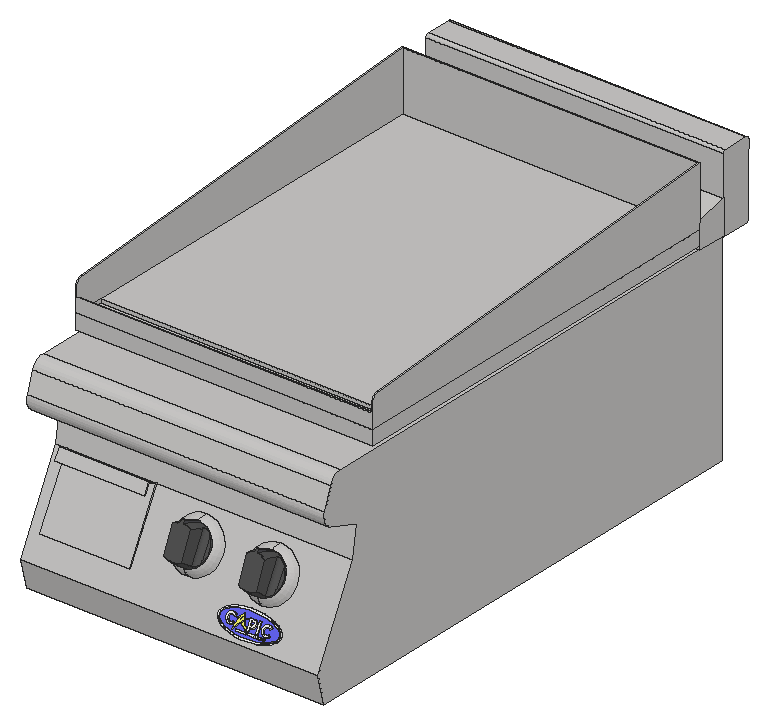
Revit family "QF_CAPIC_AVEN_W540917", category Equipement spécialisé, Revit 2018
Family settings
  Cote de connecteur circulaire = Utiliser le diamètre
  Type d'élément = Normal
  Numéro OmniClass = 23.40.40.14
  Titre OmniClass = Food Service Equipment
  Basée sur le plan de construction = Non
  Toujours verticalement = Oui
  Couper avec des vides une fois chargée = Non
  Partagée = Non
  Point de calcul de pièce = Non
Parameters (values of type "400 x 725 x 270 mm")
  rainures [instance] = if([rainurage X050973 (option)], 528 mm, 5 mm)  # 5 mm
  rainurage X050973 (option) [instance] = no
  URL catalogue = "http://www.capic-fr.com/fr/"
  Type de Raccord Plomberie [instance] = ""
  Type de Raccord Electrique [instance] = ""
  Type de Gaz = ""
  Type article [instance] = ""
  Tension = 0 V
  Spécification du Fabricant = ""
  Show Logo = yes
  Remarques evacuation [instance] = ""
  Remarques Plomberie [instance] = ""
  Remarques Electricité [instance] = ""
  Puissance électrique  = 0 W
  Puissance Gaz kW = 7.2
  Profondeur hors tout = 725 mm
  Pression Maximum Eau Adoucie = 0.0 Pa
  Poids net à vide = 45.00 kg
  Phase = 0
  Modèle = "W540917"
  Longueur hors tout = 400 mm
  Intensité nominale = 0 A
  Hauteur hors tout = 390 mm
  Hauteur de Raccordement du Sol Finis = 0 mm
  Hauteur de Raccordement Gaz du Sol Finis = 691 mm
  Hauteur de Raccordement Evacuation Directe du Sol Finis = 0 mm
  Hauteur de Raccordement Eau Froide du Sol Finis = 0 mm
  Hauteur de Raccordement Eau Chaude du Sol Finis = 0 mm
  Hauteur de Raccordement Eau Adoucie du Sol Finis = 0 mm
  Fréquence = 0 Hz
  Fabricant = "CAPIC"
  Débit d'air d'extraction = 0.0 m³/h
  Débit Gaz = 0.0 L/s
  Débit Eau Froide = 0.0 L/s
  Débit Eau Chaude = 0.0 L/s
  Débit Eau Adoucie = 0.0 L/s
  Diamètre de Raccordement Gaz = 15 mm
  Diamètre de Raccordement Evacuation = 0 mm
  Diamètre de Raccordement Eau Froide = 0 mm
  Diamètre de Raccordement Eau Chaude = 0 mm
  Diamètre de Raccordement Eau Adoucie = 0 mm
  Description = "Grill inox"
  Assembly Code = ""
  Classification  Omniclass nombre et titre = "23.40.40.14"
Reference planes
  plane 1 "Centre (avant/arrière)": y = 0
  plane 2: z = 0
  plane 3 "Centre (gauche/droite)": x = 0
  plane 4: x = 400
  plane 5: y = -606.53
  plane 6: y = -611.53
Forms (mm)
  Extrusion 1, solid, material "QF_Stainless Steel-Brushed"
    sketch origin (0, -45.05, 638) x (0, 1, 0) y (0, 0, 1)
      loop
        line (1.05, 270.397) -> (-641.347, 270.397)
        arc (-641.347, 270.397) -> (-651.671, 267.142) -> (-658.261, 258.553) r 18
        line (-658.261, 258.553) -> (-667.837, 232.245)
        arc (-667.837, 232.245) -> (-667.236, 218.482) -> (-657.078, 209.174) r 18
        line (-657.078, 209.174) -> (-613.251, 193.222) -> (-619.754, 152.161) -> (-680.074, 38.717) -> (-668.972, 0) -> (0, 0) -> (0, 268.397) -> (42.05, 268.397) -> (44.05, 270.397) -> (44.05, 356.397) -> (45.05, 356.397) -> (45.05, 368.397)
        arc (45.05, 368.397) -> (43.878, 371.225) -> (41.05, 372.397) r 4
        line (41.05, 372.397) -> (7.05, 372.397)
        arc (7.05, 372.397) -> (4.222, 371.225) -> (3.05, 368.397) r 4
        line (3.05, 368.397) -> (3.05, 272.397)
        arc (3.05, 272.397) -> (2.464, 270.983) -> (1.05, 270.397) r 2
    from 0 to 400
  Extrusion 2, solid, material "QF_Stainless Steel-Brushed"
    sketch origin (0, 0, 0) x (0, 1, 0) y (0, 0, 1)
      loop
        line (-664.804, 790.161) -> (-678.048, 797.204) -> (-685.091, 783.959) -> (-684.208, 783.49) -> (-677.635, 795.851) -> (-666.157, 789.748) -> (-710.287, 706.751) -> (-709.404, 706.281) -> (-664.804, 790.161)
    from 15 to 135
  Extrusion 3, solid, material "QF_Stainless Steel-Brushed"
    sketch origin (0, 0, 0) x (0, 1, 0) y (0, 0, 1)
      loop
        line (-82, 933.397) -> (-632, 933.397) -> (-632, 913.397) -> (-82, 913.397) -> (-82, 933.397)
    from 0 to 400
  Extrusion 4, solid, material "QF_Stainless Steel-Brushed"
    sketch origin (0, 0, 0) x (0, 1, 0) y (0, 0, 1)
      loop
        line (-42, 953.397) -> (-79.728, 943.965)
        arc (-79.728, 943.965) -> (-81.365, 942.901) -> (-82, 941.055) r 3
        line (-82, 941.055) -> (-82, 908.397) -> (-42, 908.397) -> (-42, 953.397)
    from 0 to 400
  Extrusion 5, void
    sketch origin (0, 0, 0) x (1, 0, 0) y (0, 1, 0)
      loop
        line (1.5, -592) -> (1.5, -630.5) -> (398.5, -630.5) -> (398.5, -592) -> (1.5, -592)
    from 928.4 to 933.397
  Extrusion 6, solid, material "QF_Stainless Steel-Brushed"
    sketch origin (0, 0, 0) x (1, 0, 0) y (0, 1, 0)
      loop
        line (0, -82) -> (0, -632) -> (1.5, -632) -> (1.5, -83.5) -> (398.5, -83.5) -> (398.5, -632) -> (400, -632) -> (400, -82) -> (0, -82)
    from 933.397 to 1013.4
  Extrusion 7, void
    sketch origin (0, 0, 0) x (0, 1, 0) y (0, 0, 1)
      loop
        line (-83.5, 1013.4) -> (-632, 1013.4) -> (-632, 964.101)
        arc (-632, 964.101) -> (-629.324, 970.91) -> (-622.727, 974.075) r 10
        line (-622.727, 974.075) -> (-83.5, 1013.4)
    from 0 to 400
  Extrusion 8, solid, material "QF_Stainless Steel-Brushed"
    sketch origin (0, 0, 0) x (1, 0, 0) y (0, 1, 0)
      loop
        line (1.5, -630.5) -> (1.5, -632) -> (398.5, -632) -> (398.5, -630.5) -> (1.5, -630.5)
    from 933.397 to 953.4
  Extrusion 9, void
    sketch origin (0, 0, 0) x (1, 0, 0) y (0, 0, 1)
      loop
        circle (12.5, 933.397) r 4
      loop
        circle (25.5, 933.397) r 4
      loop
        circle (38.5, 933.397) r 4
      loop
        circle (51.5, 933.397) r 4
      loop
        circle (64.5, 933.397) r 4
      loop
        circle (77.5, 933.397) r 4
      loop
        circle (90.5, 933.397) r 4
      loop
        circle (103.5, 933.397) r 4
      loop
        circle (116.5, 933.397) r 4
      loop
        circle (129.5, 933.397) r 4
      loop
        circle (142.5, 933.397) r 4
      loop
        circle (155.5, 933.397) r 4
      loop
        circle (168.5, 933.397) r 4
      loop
        circle (181.5, 933.397) r 4
      loop
        circle (194.5, 933.397) r 4
      loop
        circle (207.5, 933.397) r 4
      loop
        circle (220.5, 933.397) r 4
      loop
        circle (233.5, 933.397) r 4
      loop
        circle (246.5, 933.397) r 4
      loop
        circle (259.5, 933.397) r 4
      loop
        circle (272.5, 933.397) r 4
      loop
        circle (285.5, 933.397) r 4
      loop
        circle (298.5, 933.397) r 4
      loop
        circle (311.5, 933.397) r 4
      loop
        circle (324.5, 933.397) r 4
      loop
        circle (337.5, 933.397) r 4
      loop
        circle (350.5, 933.397) r 4
      loop
        circle (363.5, 933.397) r 4
      loop
        circle (376.5, 933.397) r 4
      loop
        circle (389.5, 933.397) r 4
    from 606.53 to 611.53
Cuts and joins
  Extrusion 5, Extrusion 9 cuts Extrusion 3
  Extrusion 7 cuts Extrusion 6
  Extrusion 9 cuts Extrusion 8
  joined: Extrusion 6, Extrusion 8
Dimensions and locks
  "Longueur hors tout": plane 3 "Centre (gauche/droite)" to plane 4
  locked: plane 6 to plane 1 "Centre (avant/arrière)" at 611.53
  "rainures": plane 5 to plane 6
  aligned and locked: level to plane 2
  aligned and locked: plane 4 to Extrusion 1
  aligned and locked: Extrusion 1 to plane 3 "Centre (gauche/droite)"
  aligned and locked: Extrusion 3 to Extrusion 5
  aligned and locked: plane 5 to Extrusion 9
  aligned and locked: plane 6 to Extrusion 9
Automatic sketch dimensions
  Extrusion 1 sketch curve to plane 1 "Centre (avant/arrière)" = 0 mm
  Extrusion 1 sketch curve to Extrusion 1 sketch curve = 1 mm
  Extrusion 1 sketch curve to Extrusion 1 sketch curve = 2 mm  (x3)
  Extrusion 1 sketch curve to Extrusion 1 sketch curve = 4 mm  (x2)
  Extrusion 1 sketch curve to Extrusion 1 sketch curve = 34 mm
  Extrusion 1 sketch curve to Extrusion 1 sketch curve = 39 mm
  plane 1 "Centre (avant/arrière)" to Extrusion 1 sketch curve = 45.05 mm
  Extrusion 1 sketch curve to Extrusion 1 sketch curve = 613.251 mm
  Extrusion 1 sketch curve to Extrusion 1 sketch curve = 6.503 mm
  Extrusion 1 sketch curve to Extrusion 1 sketch curve = 28.096 mm
  Extrusion 1 sketch curve to Extrusion 1 sketch curve = 9.575 mm
  Extrusion 1 sketch curve to Extrusion 1 sketch curve = 6.156 mm  (x2)
  Extrusion 1 sketch curve to Extrusion 1 sketch curve = 16.914 mm  (x3)
  Extrusion 1 sketch curve to Extrusion 1 sketch curve = 49.218 mm
  Extrusion 1 sketch curve to Extrusion 1 sketch curve = 11.102 mm
  level to Extrusion 1 sketch curve = 638 mm
  Extrusion 1 sketch curve to Extrusion 1 sketch curve = 38.717 mm
  Extrusion 1 sketch curve to Extrusion 1 sketch curve = 113.445 mm
  Extrusion 1 sketch curve to Extrusion 1 sketch curve = 41.061 mm
  Extrusion 1 sketch curve to Extrusion 1 sketch curve = 15.952 mm
  Extrusion 1 sketch curve to Extrusion 1 sketch curve = 26.308 mm
  Extrusion 1 sketch curve to Extrusion 1 sketch curve = 86 mm
  Extrusion 1 sketch curve to Extrusion 1 sketch curve = 12 mm
  plane 1 "Centre (avant/arrière)" to Extrusion 2 sketch curve = 710.287 mm
  Extrusion 2 sketch curve to Extrusion 2 sketch curve = 0.883 mm  (x2)
  Extrusion 2 sketch curve to Extrusion 2 sketch curve = 25.196 mm
  Extrusion 2 sketch curve to Extrusion 2 sketch curve = 7.042 mm
  Extrusion 2 sketch curve to Extrusion 2 sketch curve = 0.413 mm
  Extrusion 2 sketch curve to Extrusion 2 sketch curve = 11.478 mm
  level to Extrusion 2 sketch curve = 706.281 mm
  Extrusion 2 sketch curve to Extrusion 2 sketch curve = 0.469 mm
  plane 1 "Centre (avant/arrière)" to Extrusion 3 sketch curve = 632 mm
  plane 1 "Centre (avant/arrière)" to Extrusion 3 sketch curve = 82 mm
  level to Extrusion 3 sketch curve = 913.397 mm
  Extrusion 3 sketch curve to Extrusion 3 sketch curve = 20 mm
  plane 1 "Centre (avant/arrière)" to Extrusion 4 sketch curve = 82 mm
  Extrusion 4 sketch curve to Extrusion 4 sketch curve = 2.272 mm
  Extrusion 4 sketch curve to Extrusion 4 sketch curve = 0.728 mm
  Extrusion 4 sketch curve to Extrusion 4 sketch curve = 40 mm
  level to Extrusion 4 sketch curve = 908.397 mm
  Extrusion 4 sketch curve to Extrusion 4 sketch curve = 32.658 mm
  Extrusion 4 sketch curve to Extrusion 4 sketch curve = 9.432 mm
  plane 3 "Centre (gauche/droite)" to Extrusion 5 sketch curve = 1.5 mm
  Extrusion 5 sketch curve to plane 4 = 1.5 mm
  plane 1 "Centre (avant/arrière)" to Extrusion 5 sketch curve = 630.5 mm
  Extrusion 5 sketch curve to Extrusion 5 sketch curve = 38.5 mm
  Extrusion 6 sketch curve to plane 3 "Centre (gauche/droite)" = 0 mm
  Extrusion 6 sketch curve to plane 4 = 0 mm
  plane 3 "Centre (gauche/droite)" to Extrusion 6 sketch curve = 1.5 mm
  Extrusion 6 sketch curve to plane 4 = 1.5 mm
  plane 1 "Centre (avant/arrière)" to Extrusion 6 sketch curve = 632 mm
  Extrusion 6 sketch curve to Extrusion 6 sketch curve = 0 mm
  plane 1 "Centre (avant/arrière)" to Extrusion 6 sketch curve = 83.5 mm
  Extrusion 6 sketch curve to Extrusion 6 sketch curve = 1.5 mm
  plane 1 "Centre (avant/arrière)" to Extrusion 7 sketch curve = 632 mm
  Extrusion 7 sketch curve to Extrusion 7 sketch curve = 9.273 mm
  Extrusion 7 sketch curve to Extrusion 7 sketch curve = 0.727 mm
  plane 1 "Centre (avant/arrière)" to Extrusion 7 sketch curve = 83.5 mm
  level to Extrusion 7 sketch curve = 964.101 mm
  Extrusion 7 sketch curve to Extrusion 7 sketch curve = 39.325 mm
  plane 3 "Centre (gauche/droite)" to Extrusion 8 sketch curve = 1.5 mm
  Extrusion 8 sketch curve to plane 4 = 1.5 mm
  plane 1 "Centre (avant/arrière)" to Extrusion 8 sketch curve = 632 mm
  Extrusion 8 sketch curve to Extrusion 8 sketch curve = 1.5 mm
  plane 3 "Centre (gauche/droite)" to Extrusion 9 sketch curve = 12.5 mm
  Extrusion 9 sketch curve to Extrusion 9 sketch curve = 13 mm  (x28)
  Extrusion 9 sketch curve to plane 4 = 10.5 mm
  level to Extrusion 9 sketch curve = 933.397 mm
  Extrusion 9 sketch curve to Extrusion 9 sketch curve = 0 mm  (x29)
  radius of Extrusion 9 sketch curve = 4 mm  (x30)
Nested families
  nested 1: "QF_Details_LogoCapic" at (300, -713.73, 698.145) x (1, 0, 0) z (0, -0.8829, 0.4695), visible <- "Show Logo", type "QF_Details_LogoCapic"
  nested 2: "QF_Details_BoutonCde_face" at (310, -685.811, 750.653) x (1, 0, 0) z (0, -0.8829, 0.4695), type "QF_Details_BoutonCde_face"
  nested 3: "QF_Details_BoutonCde_face" at (210, -685.811, 750.653) x (1, 0, 0) z (0, -0.8829, 0.4695), type "QF_Details_BoutonCde_face"
Definition of nested family "QF_Details_LogoCapic"
  Parameters (values of type "QF_Details_LogoCapic")
    Default Elevation = 1219.2 mm
  Reference planes
    plane 1 "Centre (avant/arrière)": y = 0
    plane 2: z = 0
    plane 3 "Centre (gauche/droite)": x = 0
  Forms (mm)
    Extrusion 1, solid
      sketch origin (0, 0, 0) x (1, 0, 0) y (0, 1, 0)
        loop
          line (-1219.2, 1219.2) -> (-1219.2, -1219.2) -> (1219.2, -1219.2) -> (1219.2, 1219.2) -> (-1219.2, 1219.2)
      from 0 to -304.8
    Extrusion 2, solid
      sketch origin (0, 0, 0) x (1, 0, 0) y (0, 1, 0)
        loop
          spline (42.486, 0) -> (41.038, 4.53) -> (36.793, 8.751) -> (30.041, 12.376) -> (21.24, 15.157) -> (10.992, 16.906) -> (-0.005, 17.502) -> (-11.003, 16.906) -> (-21.251, 15.157) -> (-30.051, 12.376) -> (-36.804, 8.751) -> (-41.048, 4.53) -> (-42.496, 0)
          spline (-42.496, 0) -> (-41.048, -4.53) -> (-36.804, -8.751) -> (-30.051, -12.376) -> (-21.251, -15.157) -> (-11.003, -16.906) -> (-0.005, -17.502) -> (10.992, -16.906) -> (21.24, -15.157) -> (30.041, -12.376) -> (36.793, -8.751) -> (41.038, -4.53) -> (42.486, 0)
        loop
          spline (40.459, 0) -> (39.08, 4.005) -> (35.038, 7.737) -> (28.607, 10.942) -> (20.227, 13.401) -> (10.468, 14.947) -> (-0.005, 15.474) -> (-10.478, 14.947) -> (-20.237, 13.401) -> (-28.618, 10.942) -> (-35.048, 7.737) -> (-39.091, 4.005) -> (-40.47, 0)
          spline (-40.47, 0) -> (-39.091, -4.005) -> (-35.048, -7.737) -> (-28.618, -10.942) -> (-20.237, -13.401) -> (-10.478, -14.947) -> (-0.005, -15.474) -> (10.468, -14.947) -> (20.227, -13.401) -> (28.607, -10.942) -> (35.038, -7.737) -> (39.08, -4.005) -> (40.459, 0)
      from 0 to 1
    Extrusion 3, solid
      sketch origin (0, 0, 0) x (1, 0, 0) y (0, 1, 0)
        loop
          spline (-40.47, 0) -> (-39.085, -4.012) -> (-35.047, -7.734) -> (-28.617, -10.941) -> (-20.237, -13.401) -> (-10.478, -14.946) -> (-0.005, -15.474) -> (10.468, -14.947) -> (20.227, -13.401) -> (28.606, -10.942) -> (35.038, -7.737) -> (39.081, -4.004) -> (40.459, 0)
          spline (40.459, 0) -> (39.075, 4.012) -> (35.037, 7.734) -> (28.607, 10.941) -> (20.227, 13.401) -> (10.467, 14.946) -> (-0.005, 15.474) -> (-10.478, 14.947) -> (-20.237, 13.401) -> (-28.617, 10.942) -> (-35.048, 7.737) -> (-39.091, 4.004) -> (-40.47, 0)
      from 0 to 1
    Extrusion 4, solid
      sketch origin (0, 0, 0.5) x (1, 0, 0) y (0, 1, 0)
        loop
          line (-20.944, 3.897) -> (-18.992, 5.849)
          arc (-18.992, 5.849) -> (-30.967, 0.712) -> (-18.902, -4.211) r 7.063
          line (-18.902, -4.211) -> (-20.854, -2.259)
          arc (-20.854, -2.259) -> (-28.207, 0.712) -> (-20.944, 3.897) r 4.303
      from 0 to 1
    Extrusion 5, solid
      sketch origin (0, 0, 0.5) x (1, 0, 0) y (0, 1, 0)
        loop
          line (-1.061, 7.837) -> (-1.061, -6.288) -> (1.738, -6.288) -> (1.738, -2.065) -> (4.782, -2.065)
          spline (4.782, -2.065) -> (5.836, -1.896) -> (6.819, -1.402) -> (7.663, -0.615) -> (8.311, 0.411) -> (8.718, 1.605) -> (8.856, 2.886) -> (8.718, 4.168) -> (8.311, 5.362) -> (7.663, 6.387) -> (6.819, 7.174) -> (5.836, 7.669) -> (4.782, 7.837)
          line (4.782, 7.837) -> (-1.061, 7.837)
        loop
          line (1.738, 5.077) -> (1.738, 0.775) -> (4.418, 0.775)
          spline (4.418, 0.775) -> (4.819, 0.848) -> (5.193, 1.063) -> (5.514, 1.405) -> (5.761, 1.85) -> (5.916, 2.369) -> (5.969, 2.926) -> (5.916, 3.483) -> (5.761, 4.002) -> (5.514, 4.447) -> (5.193, 4.789) -> (4.819, 5.004) -> (4.418, 5.077)
          line (4.418, 5.077) -> (1.738, 5.077)
      from 0 to 1
    Extrusion 6, solid
      sketch origin (0, 0, 0.5) x (1, 0, 0) y (0, 1, 0)
        loop
          line (11.122, 7.837) -> (11.122, -6.288) -> (14.009, -6.288) -> (14.009, 7.837) -> (11.122, 7.837)
      from 0 to 1
    Extrusion 7, solid
      sketch origin (47.835, 0, 0.5) x (1, 0, 0) y (0, 1, 0)
        loop
          line (-20.944, 3.897) -> (-18.992, 5.849)
          arc (-18.992, 5.849) -> (-30.967, 0.712) -> (-18.902, -4.211) r 7.063
          line (-18.902, -4.211) -> (-20.854, -2.259)
          arc (-20.854, -2.259) -> (-28.207, 0.712) -> (-20.944, 3.897) r 4.303
      from 0 to 1
    Extrusion 8, solid
      sketch origin (0, 0, 0.5) x (1, 0, 0) y (0, 1, 0)
        loop
          line (-14.086, -8.467) -> (-14.086, -10.703) -> (-0.382, -10.703) -> (-0.382, -8.467) -> (-14.086, -8.467)
        loop
          line (1.692, -7.694) -> (1.692, -10.703) -> (10.598, -10.703) -> (10.598, -7.694) -> (1.692, -7.694)
        loop
          circle (14.095, -9.117) r 1.311
        loop
          circle (18.365, -9.117) r 1.311
        loop
          circle (22.635, -9.117) r 1.311
      from 0 to 1
    Extrusion 9, solid
      sketch origin (0, 0, 0.5) x (1, 0, 0) y (0, 1, 0)
        loop
          arc (-10.078, 10.027) -> (-16.152, 0.742) -> (-18.987, -9.985) r 34.734
          arc (-18.987, -9.985) -> (-13.545, -2.96) -> (-7.054, 3.109) r 55.667
          line (-7.054, 3.109) -> (-10.078, 10.027)
        loop
          line (-10.891, 5.813) -> (-12.476, 3.068) -> (-9.306, 3.068) -> (-10.891, 5.813)
      from 0 to 1
    Extrusion 10, solid
      sketch origin (0, 0, 0.5) x (1, 0, 0) y (0, 1, 0)
        loop
          line (-17.978, 3.413) -> (-16.228, 2.092) -> (-14.209, 5.589) -> (-17.978, 3.413)
        loop
          line (-7.246, 5.196) -> (-6.474, 3.433) -> (-3.608, 5.838) -> (-7.246, 5.196)
        loop
          line (-10.905, -1.415) -> (-2.534, -6.652) -> (-6.862, 2.629) -> (-10.905, -1.415)
      from 0 to 1
  Dimensions and locks
    aligned and locked: plane 2 to Extrusion 1
    aligned and locked: level to Extrusion 1
Definition of nested family "QF_Details_BoutonCde_face"
  Parameters (values of type "QF_Details_BoutonCde_face")
    Default Elevation = 1219.2 mm
  Reference planes
    plane 1 "Centre (avant/arrière)": y = 0
    plane 2: z = 0
    plane 3 "Centre (gauche/droite)": x = 0
  Forms (mm)
    Extrusion 1, solid
      sketch origin (0, 0, 0) x (1, 0, 0) y (0, 1, 0)
        loop
          line (-1219.2, 1219.2) -> (-1219.2, -1219.2) -> (1219.2, -1219.2) -> (1219.2, 1219.2) -> (-1219.2, 1219.2)
      from 0 to -304.8
    Revolve 2, solid
      sketch origin (0, -424.122, 22.212) x (0, 0, -1) y (0, 1, 0)
        loop
          arc (5.871, 449.971) -> (-8.423, 448.326) -> (-22.417, 444.983) r 120.076
          line (-22.417, 444.983) -> (-22.417, 424.125) -> (5.871, 424.125) -> (5.871, 449.971)
        axis (5.871, 424.125) -> (-22.417, 424.125)
      angle from 0 to 360
    Extrusion 3, void
      sketch origin (0, -424.122, 22.212) x (1, 0, 0) y (0, 0, -1)
        loop
          line (-20.046, 5.019) -> (-26.533, 5.019) -> (-26.533, -26.12) -> (-11.799, -26.12) -> (-12.009, -22.113) -> (-13.084, -1.588)
          arc (-13.084, -1.588) -> (-15.247, 3.104) -> (-20.046, 5.019) r 6.971
      from 398.385 to 449.971
    Extrusion 4, void
      sketch origin (0, -424.122, 22.212) x (-1, 0, 0) y (0, 0, 1)
        loop
          arc (-20.046, -5.019) -> (-15.247, -3.104) -> (-13.084, 1.588) r 6.971
          line (-13.084, 1.588) -> (-12.009, 22.113) -> (-11.799, 26.12) -> (-26.533, 26.12) -> (-26.533, -5.019) -> (-20.046, -5.019)
      from 398.385 to 449.971
    Extrusion 5, solid
      sketch origin (0, -424.122, 22.212) x (1, 0, 0) y (0, 1, 0)
        loop
          line (-1.769, 450.075) -> (-1.769, 444.575) -> (1.769, 444.575) -> (1.769, 450.075) -> (-1.769, 450.075)
      from -5.871 to 22.417
    Revolve 6, solid
      sketch origin (0, -424.122, 22.212) x (0, 0, -1) y (0, 1, 0)
        loop
          arc (17.212, 458.76) -> (10.984, 455.085) -> (5.871, 449.971) r 28.739
          line (5.871, 449.971) -> (5.871, 424.122) -> (17.212, 424.122) -> (17.212, 458.76)
        axis (17.212, 424.122) -> (5.871, 424.122)
      angle from 0 to 360
    Extrusion 7, void
      sketch origin (0, -597.063, -962.31) x (0, 0.156434, -0.987688) y (0, 0.987688, 0.156434)
        loop
          line (-897.081, 772.866) -> (-914.868, 772.866) -> (-914.868, 714.91) -> (-901.134, 714.91) -> (-897.081, 772.866)
      from -22.625 to 23.018
  Cuts and joins
    Extrusion 3, Extrusion 4, Extrusion 7 cuts Revolve 2
    Extrusion 7 cuts Extrusion 5
    joined: Revolve 2, Extrusion 5
  Dimensions and locks
    aligned and locked: plane 2 to Extrusion 1
    aligned and locked: level to Extrusion 1
